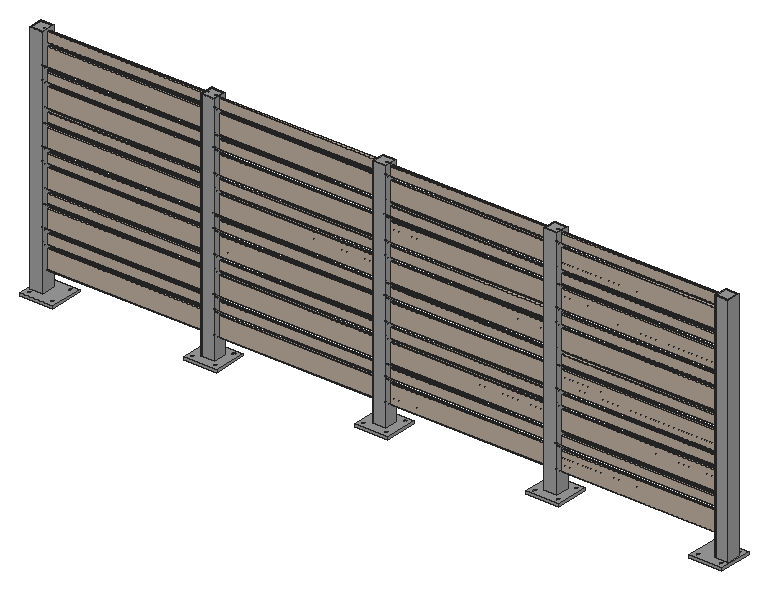
Revit family "ALTERNATING_VINYL_PLANK_PANEL_ARRAY", category Specialty Equipment, Revit 2026
Family settings
  Round Connector Dimension = Use Diameter
  Part Type = Normal
  Classification Number = 23.55.00.00
  Enable Cutting in Views = No
  Cut with Voids When Loaded = No
  Maintain Annotation Orientation = No
  Shared = No
  Room Calculation Point = No
Parameters (values of type "Assembly")
  Warranty URL = "https://palmshieldlouvers.com/wp-content/uploads/2020/01/PalmSHIELD-Warranty-NO-SIGN-LINE.pdf"
  Version = "2020 - v1.0a"  # constant formula
  URL = "https://palmshieldlouvers.com/"
  Type Comments = ""
  Left Post UP [instance] = yes
  Left Post Description [instance] = if(Left Post Position = 1, "Middle Post", if(Left Post Position = 2, "Corner Post", if(Left Post Position = 3, "End Post", "Not a Valid Option")))  # "End Post"
  Left Post DOWN [instance] = not(Left Post UP)  # no
  Left Post [instance] = yes
  Product Page URL = "https://palmshieldlouvers.com/products/mercury-eco-semi-private/"
  Product Documentation Link = "https://palmshieldlouvers.com/wp-content/uploads/2022/01/Mercury-Economic-Alternating-Semi-Private.pdf"
  Post Finish = Metal - PalmSHIELD - Dusty Grey
  Panel Width [instance] = if(Desired Panel Width > C Max Panel Width, C Max Panel Width, if(Desired Panel Width < C Min Panel Width, C Min Panel Width, Desired Panel Width))  # 4' - 0"
  Panel Height [instance] = if(Desired Panel Height > C Max Panel Height, C Max Panel Height, if(Desired Panel Height < C Min Panel Height, C Min Panel Height, Desired Panel Height))  # 6' - 0"
  Model = "Mercury Economic - Alternating - Semi Private"  # constant formula
  Manufacturer Phone Number = "531-329-4406 "  # constant formula
  Manufacturer Email = "mailto: info@palmshieldlouvers.com"
  Manufacturer Address = "12330 Cary Circle, La Vista, NE 68128"  # constant formula
  Manufacturer = "PalmSHIELD"  # constant formula
  Louver Finsh = Metal - PalmSHIELD - Grey Beige
  Left Post Position [instance] = 3
  Keynote = "05 10 00"
  Instruction Sheet Link = "https://palmshieldlouvers.com/wp-content/uploads/2021/09/PalmSHIELD-Mercury-Series-Post-Panel-Gate-Installation-Instructions-2.docx"
  ID [instance] = "Not Assigned"
  Frame Finish = Metal - PalmSHIELD - Dusty Grey
  Filler Panel [instance] = yes
  Right Post UP [instance] = yes
  Right Post Description [instance] = if(Right Post Position = 1, "Middle Post", if(Right Post Position = 2, "Corner Post", if(Right Post Position = 3, "End Post", "Not a Valid Option")))  # "End Post"
  Right Post DOWN [instance] = not(Right Post UP)  # no
  Right Post Position [instance] = 3
  Right Post [instance] = yes
  Desired Panel Width [instance] = 4' - 0"
  Desired Panel Height [instance] = 6' - 0"
  Real Length [instance] = if([built-in parameter 1001306] < (C Post Width + C Min Panel Width), (C Post Width + C Min Panel Width), [built-in parameter 1001306])  # 17' - 4"
  Description = "Mercury Economic - Alternating - Semi Private"  # constant formula
  built-in parameter 1001306 [instance] = 17' - 4"
  Copyright = "Copyright ©2024 The American Fence Company and PalmSHIELD. All Rights Reserved."  # constant formula
  Component Name [instance] = "Mercury Economic - Alternating - Semi Private"  # constant formula
  C Single Post [instance] = if(C Condition Double, 1 = 1, if(and(Right Post, C Condition Single), 1 = 1, 1 = 0))  # no
  C Single Panel [instance] = or(C Condition Double, C Condition Single)  # no
  C Single End Post Position [instance] = if(C Array Count = 1, 1, Right Post Position)  # 3
  C Right Post Offset Single [instance] = if(C Single End Post Position = 3, 0' 4 1/2", if(C Single End Post Position = 1, 0' 2", if(Right Post DOWN, 0' 2", 0' 4")))  # 0' - 4 1/2"
  C Right Post Offset Aux Single [instance] = if(C Single End Post Position = 3, 0' 0", if(C Single End Post Position = 1, 0' 0", if(Right Post DOWN, 0' 2", 0' 0")))  # 0' - 0"
  C Right Post Offset Aux [instance] = if(Right Post Position = 3, 0' 0", if(Right Post Position = 1, 0' 0", if(Right Post DOWN, 0' 2", 0' 0")))  # 0' - 0"
  C Right Post Offset [instance] = if(Right Post Position = 3, 0' 4 1/2", if(Right Post Position = 1, 0' 2", if(Right Post DOWN, 0' 2", 0' 4")))  # 0' - 4 1/2"
  C Right Post Angle Single [instance] = if(C Single End Post Position = 2, 90.00°, 0.00°)  # 0.00°
  C Right Post Angle [instance] = if(Right Post Position = 2, 90.00°, 0.00°)  # 0.00°
  C Post Width [instance] = 0' - 4"  # constant formula
  C Multiple Post [instance] = (C Condition Multiple)  # yes
  C Multiple Panels [instance] = (C Condition Multiple)  # yes
  C Min Panel Width [instance] = 4' - 0"  # constant formula
  C Min Panel Height [instance] = C Min Panel Width  # 4' - 0"
  C Max Panel Width [instance] = 5' - 0"  # constant formula
  C Max Panel Height [instance] = 6' - 0"  # constant formula
  C Left Post Offset Aux [instance] = if(Left Post Position = 3, 0' 4 1/2", if(Left Post Position = 1, 0' 2", if(Left Post DOWN, 0' 2", 0' 6")))  # 0' - 4 1/2"
  C Left Post Angle [instance] = if(Left Post Position = 3, 90.00°, 0.00°)  # 90.00°
  C Left Post Offset [instance] = if(Left Post Position = 3, 0' 0", if(Left Post Position = 1, 0' 0", if(Left Post DOWN, 0' 2", 0' 2")))  # 0' - 0"
  C Filler Post [instance] = and(not(C Condition Single), Filler Panel, Right Post, or(C Filler Panel Width = C Min Panel Width, C Filler Panel Width > C Min Panel Width))  # yes
  C Filler Panel Width Calculated [instance] = Real Length - C Calculated Total Length - Panel Width - C Post Width  # 4' - 0"
  C Filler Panel Width [instance] = if(C Filler Panel Width Calculated < C Min Panel Width, C Min Panel Width, if(C Filler Panel Width Calculated > C Max Panel Width, C Max Panel Width, C Filler Panel Width Calculated))  # 4' - 0"
  C Filler Panel [instance] = and(not(C Condition Single), Filler Panel, or(C Filler Panel Width = C Min Panel Width, C Filler Panel Width > C Min Panel Width))  # yes
  C Condition Single [instance] = C Array Count < 1  # no
  C Condition Multiple [instance] = C Array Count > 1  # yes
  C Condition Double [instance] = C Array Count = 1  # no
  C Complete Post [instance] = and(not(C Condition Single), not(Filler Panel), Right Post)  # no
  C Complete Panel [instance] = and(not(C Condition Single), not(Filler Panel))  # no
  C Calculated Total Length [instance] = if(C Array Count < 1, 0' 0", if(C Array Count = 1, C Post Width, Panel Width * (C Array Safe - 1) + C Post Width * (C Array Safe)))  # 9' - 0"
  C Calculated Filler Panel Length [instance] = if(C Array Count < 1, 0' 0", if(or(C Array Count = 2, C Array Count = 1), C Post Width, if(Filler Panel, (C Calculated Total Length - C Post Width - C Filler Panel Width), (C Calculated Total Length - C Post Width - Panel Width))))  # 4' - 8"
  C Array Safe [instance] = if(C Array Count < 2, 2, C Array Count)  # 3
  C Array Count [instance] = if(Filler Panel, roundup(((Real Length - C Min Panel Width) / (Panel Width + C Post Width)) - 1), roundup(((Real Length - (Panel Width)) / (Panel Width + C Post Width)) - 1))  # 3
  Assembly Code = "F1020100"
Reference planes (in)
  plane 1 "Center (Front/Back)": y = 0
  plane 2 "B": z = 0
  plane 3 "Left": x = 0
  plane 4 "Right": x = 208
  plane 5 "Top": z = 72
  plane 6: x = 48
  plane 7: x = 52
  plane 8: x = 100
  plane 9: x = 104
  plane 10: x = -4
  plane 11: x = 156
  plane 12: x = 52
  plane 13: x = 204
  plane 14: x = 204
  plane 15: x = -2
  plane 16: x = 208
  plane 17: x = 206
  plane 18: x = 206
  plane 19: x = 208
  plane 20: x = 50
  plane 21: x = 102
  plane 22: y = -2
  plane 23: y = 2
Lines and regions (in)
  reference lines
    curve 1: line (0, 0, 0) -> (208, 0, 0)
    curve 2: line (-2, 0, 0) -> (-4, 0, 0)
    curve 3: line (-2, 0, 0) -> (-2, 2, 0)
    curve 4: line (2.5, 0, 0) -> (2.5, 2, 0)
    curve 5: line (206, 0, 0) -> (206, -2, 0)
    curve 6: line (206, 0, 0) -> (208, 0, 0)
    curve 7: line (206, 0, 0) -> (206, 2, 0)
    curve 8: line (206, 0, 0) -> (206, 2, 0)
    curve 9: line (50.00002, 0, 0) -> (50.00002, 2, 0)
    curve 10: line (50, 0, 0) -> (52, 0, 0)
    curve 11: line (50.00002, -0.00002, 0) -> (50.00002, 2, 0)
    curve 12: line (206, 0, 0) -> (206, 2, 0)
    curve 13: line (206, 0, 0) -> (208, 0, 0)
    curve 14: line (206, 0, 0) -> (206, 2, 0)
Dimensions and locks (in)
  "built-in parameter 1001306": plane 3 "Left" to plane 4 "Right"
  "Panel Width": plane 6 to plane 3 "Left"
  "C Post Width": plane 7 to plane 6
  "Panel Width": plane 8 to plane 7
  "C Post Width": plane 9 to plane 8
  "C Post Width": plane 3 "Left" to plane 10
  "C Calculated Filler Panel Length": plane 12 to plane 10
  "C Filler Panel Width": plane 13 to plane 11
  "Panel Width": plane 14 to plane 11
  "C Calculated Total Length": plane 11 to plane 6
  equal spacing: plane 10, plane 15, plane 3 "Left"
  equal spacing: plane 16, plane 17, plane 13
  "C Post Width": plane 16 to plane 13
  equal spacing: plane 19, plane 18, plane 14
  "C Post Width": plane 19 to plane 14
  equal spacing: plane 9, plane 21, plane 8
  equal spacing: plane 7, plane 20, plane 6
  equal spacing: plane 22, plane 1 "Center (Front/Back)", plane 23
  "C Post Width": plane 22 to plane 23
  "Panel Height": plane 5 "Top" to level
  "C Left Post Offset": curve 4 to nested 1
  "C Left Post Offset Aux": curve 3 to curve 4
  equal spacing: group 1, group 2, group 3  (x3)
  "C Right Post Offset Aux": curve 8 to curve 7
  "C Right Post Offset": curve 8 to nested 5
  "C Right Post Offset Aux Single": curve 11 to curve 9
  "C Right Post Offset Single": curve 11 to nested 8
  "C Right Post Offset Aux": curve 14 to curve 12
  "C Right Post Offset": curve 14 to nested 10
  equal spacing: group 4, group 5, group 6  (x3)
  "C Left Post Angle": angle curve 2 to plane 15
  locked: curve 3 to curve 2 (angle 90.00°)
  locked: curve 6 to curve 7 (angle 90.00°)
  "C Right Post Angle": angle curve 7 to plane 18
  locked: curve 10 to curve 9 (angle 90.00°)
  "C Right Post Angle Single": angle curve 9 to plane 20
  locked: curve 13 to curve 12 (angle 90.00°)
  "C Right Post Angle": angle curve 12 to plane 18
  aligned and locked: plane 4 "Right" to curve 1
  aligned and locked: plane 1 "Center (Front/Back)" to curve 1
  aligned and locked: plane 3 "Left" to curve 1
  aligned and locked: level to plane 2 "B"
  aligned and locked: plane 3 "Left" to nested 2
  aligned and locked: nested 4 to plane 14
  aligned and locked: plane 1 "Center (Front/Back)" to nested 7
  aligned and locked: plane 20 to nested 7
  aligned and locked: plane 3 "Left" to nested 6
  aligned and locked: plane 1 "Center (Front/Back)" to nested 6
  aligned and locked: plane 11 to nested 3
  aligned and locked: plane 1 "Center (Front/Back)" to nested 3
  aligned and locked: plane 1 "Center (Front/Back)" to curve 2
  aligned and locked: plane 15 to curve 3
  aligned and locked: curve 2 to nested 1
  aligned and locked: plane 21 to nested 9
  aligned and locked: plane 1 "Center (Front/Back)" to nested 9
  aligned and locked: plane 17 to curve 5
  aligned and locked: plane 1 "Center (Front/Back)" to nested 4
  aligned and locked: plane 1 "Center (Front/Back)" to curve 6
  aligned and locked: plane 1 "Center (Front/Back)" to nested 2
  aligned and locked: plane 20 to curve 10
  aligned and locked: nested 8 to curve 10
  aligned and locked: plane 18 to curve 13
  aligned and locked: plane 1 "Center (Front/Back)" to curve 12
  aligned and locked: plane 7 to nested 31
  aligned and locked: plane 1 "Center (Front/Back)" to nested 31
Automatic sketch dimensions
  plane 22 to curve 5 = 0' - 0"
  curve 10 to curve 9 = 0' - 0"
  curve 2 to curve 4 = 0' - 0"
  curve 4 to curve 4 = 0' - 2"
  curve 8 to curve 7 = 0' - 0"  (x2)
  curve 11 to curve 9 = 0' - 0"  (x2)
  curve 14 to curve 13 = 0' - 0"
  curve 13 to curve 14 = 0' - 2"
Nested families (in)
  nested 1: "Screening-Louver-Assembly-Post-Palmshield-Mercury-Economic-Alternating-Semi_Private-Aluminum" at (0.5, 0, 0) x (-1, 0, 0) z (0, 0, 1), Desired Overall Height <- "Panel Height", visible <- "Left Post", Component Vis <- "Left Post", ID <- "ID", Post Position <- "Left Post Position", type "Assembly"
    with Post Position 3, ID "Not Assigned", Height 6' - 0", Desired Overall Height 6' - 0", Component Vis yes, Component Name "Mercury Economic - Alternating - Semi Private - Square Post", C Min Height 3' - 4", C Max Height 6' - 0"
  nested 2: "Screening-Louver-Assembly-Panel-Palmshield-Mercury_Economic-Alternating-Semi_Private-Vinyl" at (0, 0, 0), Desired Overall Height <- "Panel Height", Desired Overall Width <- "Panel Width", visible <- "C Single Panel", Component Vis <- "C Single Panel", ID <- "ID", type "Assembly"
    with Width 4' - 0", ID "Not Assigned", Height 6' - 0", Desired Overall Width 4' - 0", Desired Overall Height 6' - 0", Desired Bottom Angle 0.00°, Component Vis no, Component Name "Mercury Economic - Alternating - Semi Private", C Min Width 4' - 0", C Min Height 4' - 0", C Max Width 5' - 0", C Max Height 6' - 0", C Angle 0.00°
  nested 3: "Screening-Louver-Assembly-Panel-Palmshield-Mercury_Economic-Alternating-Semi_Private-Vinyl" at (156, 0, 0), Desired Overall Height <- "Panel Height", Desired Overall Width <- "C Filler Panel Width", visible <- "C Filler Panel", Component Vis <- "C Filler Panel", ID <- "ID", type "Assembly"
    with Width 4' - 0", ID "Not Assigned", Height 6' - 0", Desired Overall Width 4' - 0", Desired Overall Height 6' - 0", Desired Bottom Angle 0.00°, Component Vis yes, Component Name "Mercury Economic - Alternating - Semi Private", C Min Width 4' - 0", C Min Height 4' - 0", C Max Width 5' - 0", C Max Height 6' - 0", C Angle 0.00°
  nested 4: "Screening-Louver-Assembly-Panel-Palmshield-Mercury_Economic-Alternating-Semi_Private-Vinyl" at (156, 0, 0), Desired Overall Height <- "Panel Height", Desired Overall Width <- "Panel Width", visible <- "C Complete Panel", Component Vis <- "C Complete Panel", ID <- "ID", type "Assembly"
    with Width 4' - 0", ID "Not Assigned", Height 6' - 0", Desired Overall Width 4' - 0", Desired Overall Height 6' - 0", Desired Bottom Angle 0.00°, Component Vis no, Component Name "Mercury Economic - Alternating - Semi Private", C Min Width 4' - 0", C Min Height 4' - 0", C Max Width 5' - 0", C Max Height 6' - 0", C Angle 0.00°
  nested 5: "Screening-Louver-Assembly-Post-Palmshield-Mercury-Economic-Alternating-Semi_Private-Aluminum" at (203.5, 0, 0), Desired Overall Height <- "Panel Height", visible <- "C Filler Post", Component Vis <- "C Filler Post", ID <- "ID", Post Position <- "Right Post Position", type "Assembly"
    with Post Position 3, ID "Not Assigned", Height 6' - 0", Desired Overall Height 6' - 0", Component Vis yes, Component Name "Mercury Economic - Alternating - Semi Private - Square Post", C Min Height 3' - 4", C Max Height 6' - 0"
  nested 6: "Screening-Louver-Assembly-Panel-Palmshield-Mercury_Economic-Alternating-Semi_Private-Vinyl" at (0, 0, 0), Desired Overall Height <- "Panel Height", Desired Overall Width <- "Panel Width", visible <- "C Multiple Panels", Component Vis <- "C Multiple Panels", ID <- "ID", type "Assembly"
    with Width 4' - 0", ID "Not Assigned", Height 6' - 0", Desired Overall Width 4' - 0", Desired Overall Height 6' - 0", Desired Bottom Angle 0.00°, Component Vis yes, Component Name "Mercury Economic - Alternating - Semi Private", C Min Width 4' - 0", C Min Height 4' - 0", C Max Width 5' - 0", C Max Height 6' - 0", C Angle 0.00°
  nested 7: "Screening-Louver-Assembly-Post-Palmshield-Mercury-Economic-Alternating-Semi_Private-Aluminum" at (50, 0, 0), Desired Overall Height <- "Panel Height", visible <- "C Multiple Post", Component Vis <- "C Multiple Post", ID <- "ID", type "Assembly"
    with Post Position 1, ID "Not Assigned", Height 6' - 0", Desired Overall Height 6' - 0", Component Vis yes, Component Name "Mercury Economic - Alternating - Semi Private - Square Post", C Min Height 3' - 4", C Max Height 6' - 0"
  nested 8: "Screening-Louver-Assembly-Post-Palmshield-Mercury-Economic-Alternating-Semi_Private-Aluminum" at (47.50002, 0, 0), Desired Overall Height <- "Panel Height", visible <- "C Single Post", Component Vis <- "C Single Post", ID <- "ID", Post Position <- "C Single End Post Position", type "Assembly"
    with Post Position 3, ID "Not Assigned", Height 6' - 0", Desired Overall Height 6' - 0", Component Vis no, Component Name "Mercury Economic - Alternating - Semi Private - Square Post", C Min Height 3' - 4", C Max Height 6' - 0"
  nested 9: "Screening-Louver-Assembly-Post-Palmshield-Mercury-Economic-Alternating-Semi_Private-Aluminum" at (102, 0, 0), Desired Overall Height <- "Panel Height", visible <- "C Multiple Post", Component Vis <- "C Multiple Post", ID <- "ID", type "Assembly"
    with Post Position 1, ID "Not Assigned", Height 6' - 0", Desired Overall Height 6' - 0", Component Vis yes, Component Name "Mercury Economic - Alternating - Semi Private - Square Post", C Min Height 3' - 4", C Max Height 6' - 0"
  nested 10: "Screening-Louver-Assembly-Post-Palmshield-Mercury-Economic-Alternating-Semi_Private-Aluminum" at (203.5, 0, 0), Desired Overall Height <- "Panel Height", visible <- "C Complete Post", Component Vis <- "C Complete Post", ID <- "ID", Post Position <- "Right Post Position", type "Assembly"
    with Post Position 3, ID "Not Assigned", Height 6' - 0", Desired Overall Height 6' - 0", Component Vis no, Component Name "Mercury Economic - Alternating - Semi Private - Square Post", C Min Height 3' - 4", C Max Height 6' - 0"
  nested 11: "Screening-Louver-Assembly-Post-Palmshield-Mercury-Economic-Alternating-Semi_Private-Aluminum" at (154, 0, 0), Desired Overall Height <- "Panel Height", visible <- "C Multiple Post", Component Vis <- "C Multiple Post", ID <- "ID", type "Assembly"
    with Post Position 1, ID "Not Assigned", Height 6' - 0", Desired Overall Height 6' - 0", Component Vis yes, Component Name "Mercury Economic - Alternating - Semi Private - Square Post", C Min Height 3' - 4", C Max Height 6' - 0"
  nested 12: "Nested-Base_Plate-Palmshield-Mercury_Economic" at (154, 0, 0), type "10" x 10" x 3/4""
    with Material Metal - PalmSHIELD - Dusty Grey, ID "Not Assigned", Component Vis yes, Component Name "Mercury Economic - Aluminum - Base Plate"
  nested 13: "Nested-Square_Post-Aluminum-Palmshield-Mercury_Economic" at (154, 0, 0.75), type "4" X 4" X 1/8" SQ. TUBE"
    with Material Metal - PalmSHIELD - Dusty Grey, Length 5' - 11 1/4", ID "Not Assigned", Component Vis yes, Component Name "Mercury Economic - Aluminum - Square Post"
  nested 14: "Nested-Top_Cap-Palmshield-Mercury_Economic" at (154, 0, 72) x (1, 0, 0) z (0, 0, -1), type "3 3/4" x 3 3/4" x 1/8""
    with Material Metal - PalmSHIELD - Dusty Grey, ID "Not Assigned", Component Vis yes, Component Name "Mercury Economic - Aluminum - Square Top Cap"
  nested 15: "Nested-Base_Plate-Palmshield-Mercury_Economic" at (50, 0, 0), type "10" x 10" x 3/4""
    with Material Metal - PalmSHIELD - Dusty Grey, ID "Not Assigned", Component Vis yes, Component Name "Mercury Economic - Aluminum - Base Plate"
  nested 16: "Nested-Square_Post-Aluminum-Palmshield-Mercury_Economic" at (50, 0, 0.75), type "4" X 4" X 1/8" SQ. TUBE"
    with Material Metal - PalmSHIELD - Dusty Grey, Length 5' - 11 1/4", ID "Not Assigned", Component Vis yes, Component Name "Mercury Economic - Aluminum - Square Post"
  nested 17: "Nested-Top_Cap-Palmshield-Mercury_Economic" at (50, 0, 72) x (1, 0, 0) z (0, 0, -1), type "3 3/4" x 3 3/4" x 1/8""
    with Material Metal - PalmSHIELD - Dusty Grey, ID "Not Assigned", Component Vis yes, Component Name "Mercury Economic - Aluminum - Square Top Cap"
  nested 18: "Nested-Base_Plate-Palmshield-Mercury_Economic" at (102, 0, 0), type "10" x 10" x 3/4""
    with Material Metal - PalmSHIELD - Dusty Grey, ID "Not Assigned", Component Vis yes, Component Name "Mercury Economic - Aluminum - Base Plate"
  nested 19: "Nested-Square_Post-Aluminum-Palmshield-Mercury_Economic" at (102, 0, 0.75), type "4" X 4" X 1/8" SQ. TUBE"
    with Material Metal - PalmSHIELD - Dusty Grey, Length 5' - 11 1/4", ID "Not Assigned", Component Vis yes, Component Name "Mercury Economic - Aluminum - Square Post"
  nested 20: "Nested-Top_Cap-Palmshield-Mercury_Economic" at (102, 0, 72) x (1, 0, 0) z (0, 0, -1), type "3 3/4" x 3 3/4" x 1/8""
    with Material Metal - PalmSHIELD - Dusty Grey, ID "Not Assigned", Component Vis yes, Component Name "Mercury Economic - Aluminum - Square Top Cap"
  nested 21: "Nested-Louvers-Palmshield-Mercury-Economic-Alternating-Semi_Private-Vinyl" at (-1.8125, 0, 6.5) x (0, 1, 0) z (1, 0, 0), type "7/8" X 6" VINYL"
    with Material Metal - PalmSHIELD - Grey Beige, Length 4' - 3 5/8", ID "", Component Name "Mercury Economic Alternating Semi Private - Vinyl - Louvers"
  nested 22: "Nested-Louvers-Palmshield-Mercury-Economic-Alternating-Semi_Private-Vinyl" at (-1.8125, 0, 13.5) x (0, 1, 0) z (1, 0, 0), type "7/8" X 3" VINYL"
    with Material Metal - PalmSHIELD - Grey Beige, Length 4' - 3 5/8", ID "", Component Name "Mercury Economic Alternating Semi Private - Vinyl - Louvers"
  nested 23: "Nested-Louvers-Palmshield-Mercury-Economic-Alternating-Semi_Private-Vinyl" at (-1.8125, 0, 35.5) x (0, 1, 0) z (1, 0, 0), type "7/8" X 3" VINYL"
    with Material Metal - PalmSHIELD - Grey Beige, Length 4' - 3 5/8", ID "", Component Name "Mercury Economic Alternating Semi Private - Vinyl - Louvers"
  nested 24: "Nested-Louvers-Palmshield-Mercury-Economic-Alternating-Semi_Private-Vinyl" at (-1.8125, 0, 46.5) x (0, 1, 0) z (1, 0, 0), type "7/8" X 3" VINYL"
    with Material Metal - PalmSHIELD - Grey Beige, Length 4' - 3 5/8", ID "", Component Name "Mercury Economic Alternating Semi Private - Vinyl - Louvers"
  nested 25: "Nested-Louvers-Palmshield-Mercury-Economic-Alternating-Semi_Private-Vinyl" at (-1.8125, 0, 28.5) x (0, 1, 0) z (1, 0, 0), type "7/8" X 6" VINYL"
    with Material Metal - PalmSHIELD - Grey Beige, Length 4' - 3 5/8", ID "", Component Name "Mercury Economic Alternating Semi Private - Vinyl - Louvers"
  nested 26: "Nested-Louvers-Palmshield-Mercury-Economic-Alternating-Semi_Private-Vinyl" at (-1.8125, 0, 39.5) x (0, 1, 0) z (1, 0, 0), type "7/8" X 6" VINYL"
    with Material Metal - PalmSHIELD - Grey Beige, Length 4' - 3 5/8", ID "", Component Name "Mercury Economic Alternating Semi Private - Vinyl - Louvers"
  nested 27: "Nested-Louvers-Palmshield-Mercury-Economic-Alternating-Semi_Private-Vinyl" at (-1.8125, 0, 50.5) x (0, 1, 0) z (1, 0, 0), type "7/8" X 6" VINYL"
    with Material Metal - PalmSHIELD - Grey Beige, Length 4' - 3 5/8", ID "", Component Name "Mercury Economic Alternating Semi Private - Vinyl - Louvers"
  nested 28: "Nested-Louvers-Palmshield-Mercury-Economic-Alternating-Semi_Private-Vinyl" at (-1.8125, 0, 57.5) x (0, 1, 0) z (1, 0, 0), type "7/8" X 3" VINYL"
    with Material Metal - PalmSHIELD - Grey Beige, Length 4' - 3 5/8", ID "", Component Name "Mercury Economic Alternating Semi Private - Vinyl - Louvers"
  nested 29: "Nested-Louvers-Palmshield-Mercury-Economic-Alternating-Semi_Private-Vinyl" at (-1.8125, 0, 61.5) x (0, 1, 0) z (1, 0, 0), type "7/8" X 6" VINYL"
    with Material Metal - PalmSHIELD - Grey Beige, Length 4' - 3 5/8", ID "", Component Name "Mercury Economic Alternating Semi Private - Vinyl - Louvers"
  nested 30: "Nested-Louvers-Palmshield-Mercury-Economic-Alternating-Semi_Private-Vinyl" at (-1.8125, 0, 68.5) x (0, 1, 0) z (1, 0, 0), type "7/8" X 3" VINYL"
    with Material Metal - PalmSHIELD - Grey Beige, Length 4' - 3 5/8", ID "", Component Name "Mercury Economic Alternating Semi Private - Vinyl - Louvers"
  nested 31: "Screening-Louver-Assembly-Panel-Palmshield-Mercury_Economic-Alternating-Semi_Private-Vinyl" at (52, 0, 0), Desired Overall Height <- "Panel Height", Desired Overall Width <- "Panel Width", visible <- "C Multiple Panels", Component Vis <- "C Multiple Panels", ID <- "ID", type "Assembly"
    with Width 4' - 0", ID "Not Assigned", Height 6' - 0", Desired Overall Width 4' - 0", Desired Overall Height 6' - 0", Desired Bottom Angle 0.00°, Component Vis yes, Component Name "Mercury Economic - Alternating - Semi Private", C Min Width 4' - 0", C Min Height 4' - 0", C Max Width 5' - 0", C Max Height 6' - 0", C Angle 0.00°
  nested 32: "Nested-Louvers-Palmshield-Mercury-Economic-Alternating-Semi_Private-Vinyl" at (50.1875, 0, 6.5) x (0, 1, 0) z (1, 0, 0), type "7/8" X 6" VINYL"
    with Material Metal - PalmSHIELD - Grey Beige, Length 4' - 3 5/8", ID "", Component Name "Mercury Economic Alternating Semi Private - Vinyl - Louvers"
  nested 33: "Nested-Louvers-Palmshield-Mercury-Economic-Alternating-Semi_Private-Vinyl" at (50.1875, 0, 13.5) x (0, 1, 0) z (1, 0, 0), type "7/8" X 3" VINYL"
    with Material Metal - PalmSHIELD - Grey Beige, Length 4' - 3 5/8", ID "", Component Name "Mercury Economic Alternating Semi Private - Vinyl - Louvers"
  nested 34: "Nested-Louvers-Palmshield-Mercury-Economic-Alternating-Semi_Private-Vinyl" at (50.1875, 0, 35.5) x (0, 1, 0) z (1, 0, 0), type "7/8" X 3" VINYL"
    with Material Metal - PalmSHIELD - Grey Beige, Length 4' - 3 5/8", ID "", Component Name "Mercury Economic Alternating Semi Private - Vinyl - Louvers"
  nested 35: "Nested-Louvers-Palmshield-Mercury-Economic-Alternating-Semi_Private-Vinyl" at (50.1875, 0, 46.5) x (0, 1, 0) z (1, 0, 0), type "7/8" X 3" VINYL"
    with Material Metal - PalmSHIELD - Grey Beige, Length 4' - 3 5/8", ID "", Component Name "Mercury Economic Alternating Semi Private - Vinyl - Louvers"
  nested 36: "Nested-Louvers-Palmshield-Mercury-Economic-Alternating-Semi_Private-Vinyl" at (50.1875, 0, 28.5) x (0, 1, 0) z (1, 0, 0), type "7/8" X 6" VINYL"
    with Material Metal - PalmSHIELD - Grey Beige, Length 4' - 3 5/8", ID "", Component Name "Mercury Economic Alternating Semi Private - Vinyl - Louvers"
  nested 37: "Nested-Louvers-Palmshield-Mercury-Economic-Alternating-Semi_Private-Vinyl" at (50.1875, 0, 39.5) x (0, 1, 0) z (1, 0, 0), type "7/8" X 6" VINYL"
    with Material Metal - PalmSHIELD - Grey Beige, Length 4' - 3 5/8", ID "", Component Name "Mercury Economic Alternating Semi Private - Vinyl - Louvers"
  nested 38: "Nested-Louvers-Palmshield-Mercury-Economic-Alternating-Semi_Private-Vinyl" at (50.1875, 0, 50.5) x (0, 1, 0) z (1, 0, 0), type "7/8" X 6" VINYL"
    with Material Metal - PalmSHIELD - Grey Beige, Length 4' - 3 5/8", ID "", Component Name "Mercury Economic Alternating Semi Private - Vinyl - Louvers"
  nested 39: "Nested-Louvers-Palmshield-Mercury-Economic-Alternating-Semi_Private-Vinyl" at (50.1875, 0, 57.5) x (0, 1, 0) z (1, 0, 0), type "7/8" X 3" VINYL"
    with Material Metal - PalmSHIELD - Grey Beige, Length 4' - 3 5/8", ID "", Component Name "Mercury Economic Alternating Semi Private - Vinyl - Louvers"
  nested 40: "Nested-Louvers-Palmshield-Mercury-Economic-Alternating-Semi_Private-Vinyl" at (50.1875, 0, 61.5) x (0, 1, 0) z (1, 0, 0), type "7/8" X 6" VINYL"
    with Material Metal - PalmSHIELD - Grey Beige, Length 4' - 3 5/8", ID "", Component Name "Mercury Economic Alternating Semi Private - Vinyl - Louvers"
  nested 41: "Nested-Louvers-Palmshield-Mercury-Economic-Alternating-Semi_Private-Vinyl" at (50.1875, 0, 68.5) x (0, 1, 0) z (1, 0, 0), type "7/8" X 3" VINYL"
    with Material Metal - PalmSHIELD - Grey Beige, Length 4' - 3 5/8", ID "", Component Name "Mercury Economic Alternating Semi Private - Vinyl - Louvers"
  nested 42: "Screening-Louver-Assembly-Panel-Palmshield-Mercury_Economic-Alternating-Semi_Private-Vinyl" at (104, 0, 0), Desired Overall Height <- "Panel Height", Desired Overall Width <- "Panel Width", visible <- "C Multiple Panels", Component Vis <- "C Multiple Panels", ID <- "ID", type "Assembly"
    with Width 4' - 0", ID "Not Assigned", Height 6' - 0", Desired Overall Width 4' - 0", Desired Overall Height 6' - 0", Desired Bottom Angle 0.00°, Component Vis yes, Component Name "Mercury Economic - Alternating - Semi Private", C Min Width 4' - 0", C Min Height 4' - 0", C Max Width 5' - 0", C Max Height 6' - 0", C Angle 0.00°
  nested 43: "Nested-Louvers-Palmshield-Mercury-Economic-Alternating-Semi_Private-Vinyl" at (102.1875, 0, 6.5) x (0, 1, 0) z (1, 0, 0), type "7/8" X 6" VINYL"
    with Material Metal - PalmSHIELD - Grey Beige, Length 4' - 3 5/8", ID "", Component Name "Mercury Economic Alternating Semi Private - Vinyl - Louvers"
  nested 44: "Nested-Louvers-Palmshield-Mercury-Economic-Alternating-Semi_Private-Vinyl" at (102.1875, 0, 13.5) x (0, 1, 0) z (1, 0, 0), type "7/8" X 3" VINYL"
    with Material Metal - PalmSHIELD - Grey Beige, Length 4' - 3 5/8", ID "", Component Name "Mercury Economic Alternating Semi Private - Vinyl - Louvers"
  nested 45: "Nested-Louvers-Palmshield-Mercury-Economic-Alternating-Semi_Private-Vinyl" at (102.1875, 0, 35.5) x (0, 1, 0) z (1, 0, 0), type "7/8" X 3" VINYL"
    with Material Metal - PalmSHIELD - Grey Beige, Length 4' - 3 5/8", ID "", Component Name "Mercury Economic Alternating Semi Private - Vinyl - Louvers"
  nested 46: "Nested-Louvers-Palmshield-Mercury-Economic-Alternating-Semi_Private-Vinyl" at (102.1875, 0, 46.5) x (0, 1, 0) z (1, 0, 0), type "7/8" X 3" VINYL"
    with Material Metal - PalmSHIELD - Grey Beige, Length 4' - 3 5/8", ID "", Component Name "Mercury Economic Alternating Semi Private - Vinyl - Louvers"
  nested 47: "Nested-Louvers-Palmshield-Mercury-Economic-Alternating-Semi_Private-Vinyl" at (102.1875, 0, 28.5) x (0, 1, 0) z (1, 0, 0), type "7/8" X 6" VINYL"
    with Material Metal - PalmSHIELD - Grey Beige, Length 4' - 3 5/8", ID "", Component Name "Mercury Economic Alternating Semi Private - Vinyl - Louvers"
  nested 48: "Nested-Louvers-Palmshield-Mercury-Economic-Alternating-Semi_Private-Vinyl" at (102.1875, 0, 39.5) x (0, 1, 0) z (1, 0, 0), type "7/8" X 6" VINYL"
    with Material Metal - PalmSHIELD - Grey Beige, Length 4' - 3 5/8", ID "", Component Name "Mercury Economic Alternating Semi Private - Vinyl - Louvers"
  nested 49: "Nested-Louvers-Palmshield-Mercury-Economic-Alternating-Semi_Private-Vinyl" at (102.1875, 0, 50.5) x (0, 1, 0) z (1, 0, 0), type "7/8" X 6" VINYL"
    with Material Metal - PalmSHIELD - Grey Beige, Length 4' - 3 5/8", ID "", Component Name "Mercury Economic Alternating Semi Private - Vinyl - Louvers"
  nested 50: "Nested-Louvers-Palmshield-Mercury-Economic-Alternating-Semi_Private-Vinyl" at (102.1875, 0, 57.5) x (0, 1, 0) z (1, 0, 0), type "7/8" X 3" VINYL"
    with Material Metal - PalmSHIELD - Grey Beige, Length 4' - 3 5/8", ID "", Component Name "Mercury Economic Alternating Semi Private - Vinyl - Louvers"
  nested 51: "Nested-Louvers-Palmshield-Mercury-Economic-Alternating-Semi_Private-Vinyl" at (102.1875, 0, 61.5) x (0, 1, 0) z (1, 0, 0), type "7/8" X 6" VINYL"
    with Material Metal - PalmSHIELD - Grey Beige, Length 4' - 3 5/8", ID "", Component Name "Mercury Economic Alternating Semi Private - Vinyl - Louvers"
  nested 52: "Nested-Louvers-Palmshield-Mercury-Economic-Alternating-Semi_Private-Vinyl" at (102.1875, 0, 68.5) x (0, 1, 0) z (1, 0, 0), type "7/8" X 3" VINYL"
    with Material Metal - PalmSHIELD - Grey Beige, Length 4' - 3 5/8", ID "", Component Name "Mercury Economic Alternating Semi Private - Vinyl - Louvers"
  nested 53: "Nested-Louvers-Palmshield-Mercury-Economic-Alternating-Semi_Private-Vinyl" at (154.1875, 0, 6.5) x (0, 1, 0) z (1, 0, 0), type "7/8" X 6" VINYL"
    with Material Metal - PalmSHIELD - Grey Beige, Length 4' - 3 5/8", ID "", Component Name "Mercury Economic Alternating Semi Private - Vinyl - Louvers"
  nested 54: "Nested-Louvers-Palmshield-Mercury-Economic-Alternating-Semi_Private-Vinyl" at (154.1875, 0, 13.5) x (0, 1, 0) z (1, 0, 0), type "7/8" X 3" VINYL"
    with Material Metal - PalmSHIELD - Grey Beige, Length 4' - 3 5/8", ID "", Component Name "Mercury Economic Alternating Semi Private - Vinyl - Louvers"
  nested 55: "Nested-Louvers-Palmshield-Mercury-Economic-Alternating-Semi_Private-Vinyl" at (154.1875, 0, 35.5) x (0, 1, 0) z (1, 0, 0), type "7/8" X 3" VINYL"
    with Material Metal - PalmSHIELD - Grey Beige, Length 4' - 3 5/8", ID "", Component Name "Mercury Economic Alternating Semi Private - Vinyl - Louvers"
  nested 56: "Nested-Louvers-Palmshield-Mercury-Economic-Alternating-Semi_Private-Vinyl" at (154.1875, 0, 46.5) x (0, 1, 0) z (1, 0, 0), type "7/8" X 3" VINYL"
    with Material Metal - PalmSHIELD - Grey Beige, Length 4' - 3 5/8", ID "", Component Name "Mercury Economic Alternating Semi Private - Vinyl - Louvers"
  nested 57: "Nested-Louvers-Palmshield-Mercury-Economic-Alternating-Semi_Private-Vinyl" at (154.1875, 0, 28.5) x (0, 1, 0) z (1, 0, 0), type "7/8" X 6" VINYL"
    with Material Metal - PalmSHIELD - Grey Beige, Length 4' - 3 5/8", ID "", Component Name "Mercury Economic Alternating Semi Private - Vinyl - Louvers"
  nested 58: "Nested-Louvers-Palmshield-Mercury-Economic-Alternating-Semi_Private-Vinyl" at (154.1875, 0, 39.5) x (0, 1, 0) z (1, 0, 0), type "7/8" X 6" VINYL"
    with Material Metal - PalmSHIELD - Grey Beige, Length 4' - 3 5/8", ID "", Component Name "Mercury Economic Alternating Semi Private - Vinyl - Louvers"
  nested 59: "Nested-Louvers-Palmshield-Mercury-Economic-Alternating-Semi_Private-Vinyl" at (154.1875, 0, 50.5) x (0, 1, 0) z (1, 0, 0), type "7/8" X 6" VINYL"
    with Material Metal - PalmSHIELD - Grey Beige, Length 4' - 3 5/8", ID "", Component Name "Mercury Economic Alternating Semi Private - Vinyl - Louvers"
  nested 60: "Nested-Louvers-Palmshield-Mercury-Economic-Alternating-Semi_Private-Vinyl" at (154.1875, 0, 57.5) x (0, 1, 0) z (1, 0, 0), type "7/8" X 3" VINYL"
    with Material Metal - PalmSHIELD - Grey Beige, Length 4' - 3 5/8", ID "", Component Name "Mercury Economic Alternating Semi Private - Vinyl - Louvers"
  nested 61: "Nested-Louvers-Palmshield-Mercury-Economic-Alternating-Semi_Private-Vinyl" at (154.1875, 0, 61.5) x (0, 1, 0) z (1, 0, 0), type "7/8" X 6" VINYL"
    with Material Metal - PalmSHIELD - Grey Beige, Length 4' - 3 5/8", ID "", Component Name "Mercury Economic Alternating Semi Private - Vinyl - Louvers"
  nested 62: "Nested-Louvers-Palmshield-Mercury-Economic-Alternating-Semi_Private-Vinyl" at (154.1875, 0, 68.5) x (0, 1, 0) z (1, 0, 0), type "7/8" X 3" VINYL"
    with Material Metal - PalmSHIELD - Grey Beige, Length 4' - 3 5/8", ID "", Component Name "Mercury Economic Alternating Semi Private - Vinyl - Louvers"
  nested 63: "Nested-Base_Plate-Palmshield-Mercury_Economic" at (203.5, 0, 0), type "10" x 10" x 3/4""
    with Material Metal - PalmSHIELD - Dusty Grey, ID "Not Assigned", Component Vis yes, Component Name "Mercury Economic - Aluminum - Base Plate"
  nested 64: "Nested-Square_Post-Aluminum-Palmshield-Mercury_Economic" at (206, 0, 0.75), type "4" X 4" X 1/8" SQ. TUBE"
    with Material Metal - PalmSHIELD - Dusty Grey, Length 5' - 11 1/4", ID "Not Assigned", Component Vis yes, Component Name "Mercury Economic - Aluminum - Square Post"
  nested 65: "Nested-Top_Cap-Palmshield-Mercury_Economic" at (206, 0, 72) x (1, 0, 0) z (0, 0, -1), type "3 3/4" x 3 3/4" x 1/8""
    with Material Metal - PalmSHIELD - Dusty Grey, ID "Not Assigned", Component Vis yes, Component Name "Mercury Economic - Aluminum - Square Top Cap"
  nested 66: "Nested-Base_Plate-Palmshield-Mercury_Economic" at (0.5, 0, 0) x (-1, 0, 0) z (0, 0, 1), type "10" x 10" x 3/4""
    with Material Metal - PalmSHIELD - Dusty Grey, ID "Not Assigned", Component Vis yes, Component Name "Mercury Economic - Aluminum - Base Plate"
  nested 67: "Nested-Square_Post-Aluminum-Palmshield-Mercury_Economic" at (-2, 0, 0.75) x (-1, 0, 0) z (0, 0, 1), type "4" X 4" X 1/8" SQ. TUBE"
    with Material Metal - PalmSHIELD - Dusty Grey, Length 5' - 11 1/4", ID "Not Assigned", Component Vis yes, Component Name "Mercury Economic - Aluminum - Square Post"
  nested 68: "Nested-Top_Cap-Palmshield-Mercury_Economic" at (-2, 0, 72) x (-1, 0, 0) z (0, 0, -1), type "3 3/4" x 3 3/4" x 1/8""
    with Material Metal - PalmSHIELD - Dusty Grey, ID "Not Assigned", Component Vis yes, Component Name "Mercury Economic - Aluminum - Square Top Cap"
  nested 69: "Nested-Louvers-Palmshield-Mercury-Economic-Alternating-Semi_Private-Vinyl" at (154.1875, 0, 17.5) x (0, 1, 0) z (1, 0, 0), type "7/8" X 6" VINYL"
    with Material Metal - PalmSHIELD - Grey Beige, Length 4' - 3 5/8", ID "", Component Name "Mercury Economic Alternating Semi Private - Vinyl - Louvers"
  nested 70: "Nested-Louvers-Palmshield-Mercury-Economic-Alternating-Semi_Private-Vinyl" at (154.1875, 0, 24.5) x (0, 1, 0) z (1, 0, 0), type "7/8" X 3" VINYL"
    with Material Metal - PalmSHIELD - Grey Beige, Length 4' - 3 5/8", ID "", Component Name "Mercury Economic Alternating Semi Private - Vinyl - Louvers"
  nested 71: "Nested-Louvers-Palmshield-Mercury-Economic-Alternating-Semi_Private-Vinyl" at (102.1875, 0, 17.5) x (0, 1, 0) z (1, 0, 0), type "7/8" X 6" VINYL"
    with Material Metal - PalmSHIELD - Grey Beige, Length 4' - 3 5/8", ID "", Component Name "Mercury Economic Alternating Semi Private - Vinyl - Louvers"
  nested 72: "Nested-Louvers-Palmshield-Mercury-Economic-Alternating-Semi_Private-Vinyl" at (102.1875, 0, 24.5) x (0, 1, 0) z (1, 0, 0), type "7/8" X 3" VINYL"
    with Material Metal - PalmSHIELD - Grey Beige, Length 4' - 3 5/8", ID "", Component Name "Mercury Economic Alternating Semi Private - Vinyl - Louvers"
  nested 73: "Nested-Louvers-Palmshield-Mercury-Economic-Alternating-Semi_Private-Vinyl" at (-1.8125, 0, 17.5) x (0, 1, 0) z (1, 0, 0), type "7/8" X 6" VINYL"
    with Material Metal - PalmSHIELD - Grey Beige, Length 4' - 3 5/8", ID "", Component Name "Mercury Economic Alternating Semi Private - Vinyl - Louvers"
  nested 74: "Nested-Louvers-Palmshield-Mercury-Economic-Alternating-Semi_Private-Vinyl" at (-1.8125, 0, 24.5) x (0, 1, 0) z (1, 0, 0), type "7/8" X 3" VINYL"
    with Material Metal - PalmSHIELD - Grey Beige, Length 4' - 3 5/8", ID "", Component Name "Mercury Economic Alternating Semi Private - Vinyl - Louvers"
  nested 75: "Nested-Louvers-Palmshield-Mercury-Economic-Alternating-Semi_Private-Vinyl" at (50.1875, 0, 17.5) x (0, 1, 0) z (1, 0, 0), type "7/8" X 6" VINYL"
    with Material Metal - PalmSHIELD - Grey Beige, Length 4' - 3 5/8", ID "", Component Name "Mercury Economic Alternating Semi Private - Vinyl - Louvers"
  nested 76: "Nested-Louvers-Palmshield-Mercury-Economic-Alternating-Semi_Private-Vinyl" at (50.1875, 0, 24.5) x (0, 1, 0) z (1, 0, 0), type "7/8" X 3" VINYL"
    with Material Metal - PalmSHIELD - Grey Beige, Length 4' - 3 5/8", ID "", Component Name "Mercury Economic Alternating Semi Private - Vinyl - Louvers"
Definition of nested family "Nested-Base_Plate-Palmshield-Mercury_Economic"
  Parameters (values of type "10" x 14" x 3/4"")
    Width = if(Constraints = 1, 0' 10", 1' 2")  # 1' - 2"
    Warranty URL = "https://palmshieldlouvers.com/wp-content/uploads/2020/01/PalmSHIELD-Warranty-NO-SIGN-LINE.pdf"
    Version = "2020 - v1.0a"  # constant formula
    URL = "https://palmshieldlouvers.com/"
    Thickness = 0' - 0 3/4"  # constant formula
    Product Page URL = "Contact Manufacturer for More Information"
    Product Documentation Link = "Contact Manufacturer for More Information"
    Model = "Mercury Economic"  # constant formula
    Material [instance] = none
    Manufacturer Phone Number = "531-329-4406 "  # constant formula
    Manufacturer Fax Number = "Consult Manufacturer Website for More Information"  # constant formula
    Manufacturer Email = "mailto: info@palmshieldlouvers.com"
    Manufacturer Address = "12330 Cary Circle, La Vista, NE 68128"  # constant formula
    Manufacturer = "PalmSHIELD"  # constant formula
    Keynote = "05 10 00"
    Instruction Sheet Link = "Contact Manufacturer for More Information"
    ID [instance] = ""
    Hole Diameter = 0' - 0 3/4"  # constant formula
    Height = 0' - 10"  # constant formula
    Description = "Mercury Economic - Base Plate"  # constant formula
    Default Elevation = 4' - 0"
    Copyright = "Copyright ©2024 The American Fence Company and PalmSHIELD. All Rights Reserved."  # constant formula
    Constraints = 2
    Component Vis [instance] = yes
    Component Name [instance] = "Mercury Economic - Aluminum - Base Plate"  # constant formula
    C Hole Offset = 0' - 1 1/2"  # constant formula
    Assembly Code = "F1020100"
  Types (2): name | Width | Constraints
    10" x 10" x 3/4" | 0' - 10" | 1
    10" x 14" x 3/4" | 1' - 2" | 2
  Reference planes (in)
    plane 1 "Center (Front/Back)": y = 0
    plane 2: z = 0
    plane 3 "Center (Left/Right)": x = 0
    plane 4: y = 5
    plane 5: x = 7
    plane 6: y = -5
    plane 7: x = -7
    plane 8: z = 0.75
  Forms (in)
    Extrusion 1, solid
      sketch origin (0, 0, 0) x (1, 0, 0) y (0, 1, 0)
        loop
          line (-48, 48) -> (-48, -48) -> (48, -48) -> (48, 48) -> (-48, 48)
      from 0 to -12
    Extrusion 2, solid, material <- "Material", visible <- "Component Vis"
      sketch origin (0, 0, 0) x (1, 0, 0) y (0, 1, 0)
        loop
          line (-7, 5) -> (-7, -5) -> (7, -5) -> (7, 5) -> (-7, 5)
        loop
          circle (-5.5, 3.5) r 0.375
        loop
          circle (5.5, 3.5) r 0.375
        loop
          circle (-5.5, -3.5) r 0.375
        loop
          circle (5.5, -3.5) r 0.375
      from 0 to 0.75
  Dimensions and locks (in)
    equal spacing: plane 7, plane 3 "Center (Left/Right)", plane 5
    equal spacing: plane 4, plane 1 "Center (Front/Back)", plane 6
    "Width": plane 7 to plane 5
    "Height": plane 4 to plane 6
    "C Hole Offset": plane 7 to Extrusion 2 sketch curve  (x2)
    "C Hole Offset": Extrusion 2 sketch curve to plane 5  (x2)
    "C Hole Offset": plane 4 to Extrusion 2 sketch curve  (x2)
    "C Hole Offset": plane 6 to Extrusion 2 sketch curve  (x2)
    "Thickness": plane 8 to plane 2
    "Width": Extrusion 2 to Extrusion 2
    "Hole Diameter": diameter of Extrusion 2 sketch curve  (x4)
    aligned and locked: plane 2 to Extrusion 1
    aligned and locked: level to Extrusion 1
    aligned and locked: Extrusion 2 sketch curve to plane 4
    aligned and locked: plane 7 to Extrusion 2 sketch curve
    aligned and locked: Extrusion 2 sketch curve to plane 6
    aligned and locked: Extrusion 2 sketch curve to plane 5
    aligned and locked: plane 8 to Extrusion 2
  Automatic sketch dimensions
    Extrusion 1 sketch curve to Extrusion 1 sketch curve = 8' - 0"  (x2)
Definition of nested family "Nested-Square_Post-Aluminum-Palmshield-Mercury_Economic"
  Parameters (values of type "4" X 4" X 1/8" SQ. TUBE")
    Width = 0' - 4"  # constant formula
    Warranty URL = "https://palmshieldlouvers.com/wp-content/uploads/2020/01/PalmSHIELD-Warranty-NO-SIGN-LINE.pdf"
    Version = "2020 - v1.0a"  # constant formula
    URL = "https://palmshieldlouvers.com/"
    Thickness = 0' - 0 1/8"  # constant formula
    Product Page URL = "Contact Manufacturer for More Information"
    Product Documentation Link = "Contact Manufacturer for More Information"
    Model = "Mercury Economic"  # constant formula
    Material [instance] = none
    Manufacturer Phone Number = "531-329-4406 "  # constant formula
    Manufacturer Fax Number = "Consult Manufacturer Website for More Information"  # constant formula
    Manufacturer Email = "mailto: info@palmshieldlouvers.com"
    Manufacturer Address = "12330 Cary Circle, La Vista, NE 68128"  # constant formula
    Manufacturer = "PalmSHIELD"  # constant formula
    Length [instance] = 4' - 4.86713"
    Keynote = "05 10 00"
    Instruction Sheet Link = "Contact Manufacturer for More Information"
    ID [instance] = ""
    Description = "Mercury Economic - Post"  # constant formula
    Default Elevation = 4' - 0"
    Copyright = "Copyright ©2024 The American Fence Company and PalmSHIELD. All Rights Reserved."  # constant formula
    Component Vis [instance] = yes
    Component Name [instance] = "Mercury Economic - Aluminum - Square Post"  # constant formula
    Assembly Code = "F1020100"
  Reference planes (in)
    plane 1 "Center (Front/Back)": y = 0
    plane 2: z = 0
    plane 3 "Center (Left/Right)": x = 0
    plane 4: z = 52.86713
    plane 5: x = 2
    plane 6: x = -2
  Forms (in)
    Extrusion 1, solid
      sketch origin (0, 0, 0) x (1, 0, 0) y (0, 1, 0)
        loop
          line (-48, 48) -> (-48, -48) -> (48, -48) -> (48, 48) -> (-48, 48)
      from 0 to -12
    Sweep 2, solid, material <- "Material", visible <- "Component Vis"
      path origin (0, 0, 0) x (0, 1, 0) y (0, 0, 1)
        loop
          line (0, 0) -> (0, 52.86713)
      profile "Profile-Palmshield-Square : 4" X 4" X 1/8" SQ. TUBE" origin (0, 0, 26.43357) x (0, -1, 0) y (1, 0, 0)
        loop
          line (1.875, 1.875) -> (-1.875, 1.875) -> (-1.875, -1.875) -> (1.875, -1.875) -> (1.875, 1.875)
        loop
          line (-2, -2) -> (2, -2) -> (2, 2) -> (-2, 2) -> (-2, -2)
  Dimensions and locks (in)
    "Length": plane 4 to plane 2
    equal spacing: plane 5, plane 3 "Center (Left/Right)", plane 6
    "Width": plane 5 to plane 6
    aligned and locked: plane 2 to Extrusion 1
    aligned and locked: level to Extrusion 1
    aligned and locked: plane 1 "Center (Front/Back)" to Sweep 2 sketch curve
    aligned and locked: plane 4 to Sweep 2 sketch curve
  Automatic sketch dimensions
    Extrusion 1 sketch curve to Extrusion 1 sketch curve = 8' - 0"  (x2)
    Sweep 2 sketch curve to level = 0' - 0"
Definition of nested family "Nested-Top_Cap-Palmshield-Mercury_Economic"
  Parameters (values of type "3 3/4" x 3 3/4" x 1/8"")
    Width = 0' 4" - 2 * Thickness  # 0' - 3 3/4"
    Warranty URL = "https://palmshieldlouvers.com/wp-content/uploads/2020/01/PalmSHIELD-Warranty-NO-SIGN-LINE.pdf"
    Version = "2020 - v1.0a"  # constant formula
    URL = "https://palmshieldlouvers.com/"
    Thickness = 0' - 0 1/8"  # constant formula
    Product Page URL = "Contact Manufacturer for More Information"
    Product Documentation Link = "Contact Manufacturer for More Information"
    Model = "Mercury Economic"  # constant formula
    Material [instance] = none
    Manufacturer Phone Number = "531-329-4406 "  # constant formula
    Manufacturer Fax Number = "Consult Manufacturer Website for More Information"  # constant formula
    Manufacturer Email = "mailto: info@palmshieldlouvers.com"
    Manufacturer Address = "12330 Cary Circle, La Vista, NE 68128"  # constant formula
    Manufacturer = "PalmSHIELD"  # constant formula
    Keynote = "05 10 00"
    Instruction Sheet Link = "Contact Manufacturer for More Information"
    ID [instance] = ""
    Description = "Mercury Economic - Top Cap"  # constant formula
    Default Elevation = 4' - 0"
    Copyright = "Copyright ©2024 The American Fence Company and PalmSHIELD. All Rights Reserved."  # constant formula
    Component Vis [instance] = yes
    Component Name [instance] = "Mercury Economic - Aluminum - Square Top Cap"  # constant formula
    Assembly Code = "F1020100"
  Reference planes (in)
    plane 1 "Center (Front/Back)": y = 0
    plane 2: z = 0
    plane 3 "Center (Left/Right)": x = 0
    plane 4: y = 1.875
    plane 5: x = 1.875
    plane 6: y = -1.875
    plane 7: x = -1.875
    plane 8: z = 0.125
  Forms (in)
    Extrusion 1, solid
      sketch origin (0, 0, 0) x (1, 0, 0) y (0, 1, 0)
        loop
          line (-48, 48) -> (-48, -48) -> (48, -48) -> (48, 48) -> (-48, 48)
      from 0 to -12
    Extrusion 2, solid, material <- "Material", visible <- "Component Vis"
      sketch origin (0, 0, 0) x (1, 0, 0) y (0, 1, 0)
        loop
          line (-1.875, 1.875) -> (-1.875, -1.875) -> (1.875, -1.875) -> (1.875, 1.875) -> (-1.875, 1.875)
      from 0 to 0.125
  Dimensions and locks (in)
    equal spacing: plane 7, plane 3 "Center (Left/Right)", plane 5
    equal spacing: plane 4, plane 1 "Center (Front/Back)", plane 6
    "Width": plane 7 to plane 5
    "Width": plane 4 to plane 6
    "Thickness": plane 8 to plane 2
    aligned and locked: plane 2 to Extrusion 1
    aligned and locked: level to Extrusion 1
    aligned and locked: Extrusion 2 sketch curve to plane 4
    aligned and locked: plane 7 to Extrusion 2 sketch curve
    aligned and locked: Extrusion 2 sketch curve to plane 6
    aligned and locked: Extrusion 2 sketch curve to plane 5
    aligned and locked: plane 8 to Extrusion 2
  Automatic sketch dimensions
    Extrusion 1 sketch curve to Extrusion 1 sketch curve = 8' - 0"  (x2)
Definition of nested family "Nested-Louvers-Palmshield-Mercury-Economic-Alternating-Semi_Private-Vinyl"
  Parameters (values of type "7/8" X 6" VINYL")
    Width = if(Constraints = 1, 0' 6", 0' 3")  # 0' - 6"
    Warranty URL = "https://palmshieldlouvers.com/wp-content/uploads/2020/01/PalmSHIELD-Warranty-NO-SIGN-LINE.pdf"
    Version = "2020 - v1.0a"  # constant formula
    URL = "https://palmshieldlouvers.com/"
    Thickness = 0' - 0 15/16"  # constant formula
    Product Page URL = "https://palmshieldlouvers.com/products/mercury-screening/"
    Product Documentation Link = "https://palmshieldlouvers.com/wp-content/uploads/2022/01/Mercury-Economic-Alternating-Semi-Private-Aluminum-Vinyl.pdf"
    Model = "Mercury Economic Semi Private Alternating"  # constant formula
    Material [instance] = none
    Manufacturer Phone Number = "531-329-4406 "  # constant formula
    Manufacturer Fax Number = "Consult Manufacturer Website for More Information"  # constant formula
    Manufacturer Email = "mailto: info@palmshieldlouvers.com"
    Manufacturer Address = "12330 Cary Circle, La Vista, NE 68128"  # constant formula
    Manufacturer = "PalmSHIELD"  # constant formula
    Length [instance] = 4' - 4.86713"
    Keynote = "05 10 00"
    Instruction Sheet Link = "https://palmshieldlouvers.com/wp-content/uploads/2021/09/PalmSHIELD-Mercury-Series-Post-Panel-Gate-Installation-Instructions-2.docx"
    ID [instance] = ""
    Description = "Mercury Economic Semi Private Alternating - Louvers"  # constant formula
    Default Elevation = 4' - 0"
    Copyright = "Copyright ©2024 The American Fence Company and PalmSHIELD. All Rights Reserved."  # constant formula
    Constraints = 1
    Component Name [instance] = "Mercury Economic Alternating Semi Private - Vinyl - Louvers"  # constant formula
    C Small = Constraints = 2  # no
    C Large = Constraints = 1  # yes
    Assembly Code = "F1020100"
  Types (2): name | Width | Constraints | C Small | C Large
    7/8" X 3" VINYL | 0' - 3" | 2 | yes | no
    7/8" X 6" VINYL | 0' - 6" | 1 | no | yes
  Reference planes (in)
    plane 1 "Center (Front/Back)": y = 0
    plane 2: z = 0
    plane 3 "Center (Left/Right)": x = 0
    plane 4: z = 52.86713
  Forms (in)
    Extrusion 1, solid
      sketch origin (0, 0, 0) x (1, 0, 0) y (0, 1, 0)
        loop
          line (-48, 48) -> (-48, -48) -> (48, -48) -> (48, 48) -> (-48, 48)
      from 0 to -12
    Sweep 2, solid, material <- "Material", visible <- "C Small"
      path origin (0, 0, 0) x (0, 1, 0) y (0, 0, 1)
        loop
          line (0, 0) -> (0, 52.86713)
      profile origin (0, 0, 26.43357) x (0, -1, 0) y (1, 0, 0)
        loop
          line (-2.90625, -0.375) -> (-0.09375, -0.375)
          arc (-0.09375, -0.375) -> (-0.07165, -0.36585) -> (-0.0625, -0.34375) r 0.03125
          line (-0.0625, -0.34375) -> (-0.0625, 0.34375)
          arc (-0.0625, 0.34375) -> (-0.07165, 0.36585) -> (-0.09375, 0.375) r 0.03125
          line (-0.09375, 0.375) -> (-2.90625, 0.375)
          arc (-2.90625, 0.375) -> (-2.92835, 0.36585) -> (-2.9375, 0.34375) r 0.03125
          line (-2.9375, 0.34375) -> (-2.9375, -0.34375)
          arc (-2.9375, -0.34375) -> (-2.92835, -0.36585) -> (-2.90625, -0.375) r 0.03125
        loop
          line (-0.09375, 0.4375) -> (-2.90625, 0.4375)
          arc (-2.90625, 0.4375) -> (-2.97254, 0.41004) -> (-3, 0.34375) r 0.09375
          line (-3, 0.34375) -> (-3, -0.34375)
          arc (-3, -0.34375) -> (-2.97254, -0.41004) -> (-2.90625, -0.4375) r 0.09375
          line (-2.90625, -0.4375) -> (-0.09375, -0.4375)
          arc (-0.09375, -0.4375) -> (-0.02746, -0.41004) -> (0, -0.34375) r 0.09375
          line (0, -0.34375) -> (0, 0.34375)
          arc (0, 0.34375) -> (-0.02746, 0.41004) -> (-0.09375, 0.4375) r 0.09375
    Sweep 3, solid, material <- "Material", visible <- "C Large", detail levels fine
      path origin (0, 0, 0) x (0, 1, 0) y (0, 0, 1)
        loop
          line (0, 0) -> (0, 52.86713)
      profile origin (0, 0, 26.43357) x (0, -1, 0) y (1, 0, 0)
        loop
          line (-0.125, 0.4375) -> (-5.875, 0.4375)
          arc (-5.875, 0.4375) -> (-5.96339, 0.40089) -> (-6, 0.3125) r 0.125
          line (-6, 0.3125) -> (-6, -0.3125)
          arc (-6, -0.3125) -> (-5.96339, -0.40089) -> (-5.875, -0.4375) r 0.125
          line (-5.875, -0.4375) -> (-0.125, -0.4375)
          arc (-0.125, -0.4375) -> (-0.03661, -0.40089) -> (0, -0.3125) r 0.125
          line (0, -0.3125) -> (0, 0.3125)
          arc (0, 0.3125) -> (-0.03661, 0.40089) -> (-0.125, 0.4375) r 0.125
        loop
          line (-0.125, 0.375) -> (-2, 0.375) -> (-2, -0.375) -> (-0.125, -0.375)
          arc (-0.125, -0.375) -> (-0.08081, -0.35669) -> (-0.0625, -0.3125) r 0.0625
          line (-0.0625, -0.3125) -> (-0.0625, 0.3125)
          arc (-0.0625, 0.3125) -> (-0.08081, 0.35669) -> (-0.125, 0.375) r 0.0625
        loop
          line (-2.03125, 0.375) -> (-3.96875, 0.375) -> (-3.96875, -0.375) -> (-2.03125, -0.375) -> (-2.03125, 0.375)
        loop
          line (-4, 0.375) -> (-5.875, 0.375)
          arc (-5.875, 0.375) -> (-5.91919, 0.35669) -> (-5.9375, 0.3125) r 0.0625
          line (-5.9375, 0.3125) -> (-5.9375, -0.3125)
          arc (-5.9375, -0.3125) -> (-5.91919, -0.35669) -> (-5.875, -0.375) r 0.0625
          line (-5.875, -0.375) -> (-4, -0.375) -> (-4, 0.375)
    Sweep 4, solid, material <- "Material", visible <- "C Large", detail levels coarse+medium
      path origin (0, 0, 0) x (0, 1, 0) y (0, 0, 1)
        loop
          line (0, 0) -> (0, 52.86713)
      profile origin (0, 0, 26.43357) x (0, -1, 0) y (1, 0, 0)
        loop
          line (-0.125, 0.4375) -> (-5.875, 0.4375)
          arc (-5.875, 0.4375) -> (-5.96339, 0.40089) -> (-6, 0.3125) r 0.125
          line (-6, 0.3125) -> (-6, -0.3125)
          arc (-6, -0.3125) -> (-5.96339, -0.40089) -> (-5.875, -0.4375) r 0.125
          line (-5.875, -0.4375) -> (-0.125, -0.4375)
          arc (-0.125, -0.4375) -> (-0.03661, -0.40089) -> (0, -0.3125) r 0.125
          line (0, -0.3125) -> (0, 0.3125)
          arc (0, 0.3125) -> (-0.03661, 0.40089) -> (-0.125, 0.4375) r 0.125
        loop
          line (-5.875, -0.375) -> (-0.125, -0.375)
          arc (-0.125, -0.375) -> (-0.08081, -0.35669) -> (-0.0625, -0.3125) r 0.0625
          line (-0.0625, -0.3125) -> (-0.0625, 0.3125)
          arc (-0.0625, 0.3125) -> (-0.08081, 0.35669) -> (-0.125, 0.375) r 0.0625
          line (-0.125, 0.375) -> (-5.875, 0.375)
          arc (-5.875, 0.375) -> (-5.91919, 0.35669) -> (-5.9375, 0.3125) r 0.0625
          line (-5.9375, 0.3125) -> (-5.9375, -0.3125)
          arc (-5.9375, -0.3125) -> (-5.91919, -0.35669) -> (-5.875, -0.375) r 0.0625
  Dimensions and locks (in)
    "Length": plane 4 to plane 2
    aligned and locked: plane 2 to Extrusion 1
    aligned and locked: level to Extrusion 1
    aligned and locked: plane 1 "Center (Front/Back)" to Sweep 2 sketch curve
    aligned and locked: plane 4 to Sweep 2 sketch curve
    aligned and locked: plane 4 to Sweep 3 sketch curve
    aligned and locked: plane 4 to Sweep 4 sketch curve
  Automatic sketch dimensions
    Extrusion 1 sketch curve to Extrusion 1 sketch curve = 8' - 0"  (x2)
    Sweep 2 sketch curve to level = 0' - 0"
    Sweep 3 sketch curve to plane 1 "Center (Front/Back)" = 0' - 0"
    Sweep 3 sketch curve to level = 0' - 0"
    Sweep 2 sketch curve to Sweep 2 sketch curve = 0' - 0"  (x9)
    Sweep 2 sketch curve to profile plane = 0' - 0"
    profile plane to Sweep 2 sketch curve = 0' - 0 1/16"
    Sweep 2 sketch curve to Sweep 2 sketch curve = 0' - 0 1/32"  (x3)
    Sweep 2 sketch curve to plane 3 "Center (Left/Right)" = 0' - 0 7/16"
    Sweep 2 sketch curve to Sweep 2 sketch curve = 0' - 2 13/16"
    plane 3 "Center (Left/Right)" to Sweep 2 sketch curve = 0' - 0 11/32"
    Sweep 3 sketch curve to Sweep 3 sketch curve = 0' - 0"  (x10)
    Sweep 3 sketch curve to profile plane = 0' - 0"
    Sweep 3 sketch curve to Sweep 3 sketch curve = 0' - 0 1/16"  (x4)
    profile plane to Sweep 3 sketch curve = 0' - 0 1/8"
    Sweep 3 sketch curve to profile plane = 0' - 0 3/8"
    Sweep 3 sketch curve to Sweep 3 sketch curve = 0' - 1 7/8"  (x2)
    Sweep 3 sketch curve to Sweep 3 sketch curve = 0' - 0 1/32"  (x2)
    profile plane to Sweep 3 sketch curve = 0' - 0 3/8"
    Sweep 3 sketch curve to Sweep 3 sketch curve = 0' - 1 15/16"
    profile plane to Sweep 3 sketch curve = 0' - 0 7/16"
    Sweep 4 sketch curve to plane 1 "Center (Front/Back)" = 0' - 0"
    Sweep 4 sketch curve to level = 0' - 0"
    Sweep 4 sketch curve to profile plane = 0' - 0"
    profile plane to Sweep 4 sketch curve = 0' - 0 1/8"  (x2)
    profile plane to Sweep 4 sketch curve = 0' - 0 7/16"
    Sweep 4 sketch curve to Sweep 4 sketch curve = 0' - 0"  (x8)
    Sweep 4 sketch curve to Sweep 4 sketch curve = 0' - 0 1/8"
    Sweep 4 sketch curve to Sweep 4 sketch curve = 0' - 5 3/4"
    Sweep 4 sketch curve to profile plane = 0' - 0 5/16"
    profile plane to Sweep 4 sketch curve = 0' - 0 1/16"
Definition of nested family "Screening-Louver-Assembly-Post-Palmshield-Mercury-Economic-Alternating-Semi_Private-Aluminum"
  Parameters (values of type "4" X 4" X 1/8" SQ. TUBE")
    Width = 0' - 4"  # constant formula
    Warranty URL = "https://palmshieldlouvers.com/wp-content/uploads/2020/01/PalmSHIELD-Warranty-NO-SIGN-LINE.pdf"
    Version = "2020 - v1.0a"  # constant formula
    URL = "https://palmshieldlouvers.com/"
    Thickness = 0' - 0 1/8"  # constant formula
    Product Page URL = "Contact Manufacturer for More Information"
    Product Documentation Link = "Contact Manufacturer for More Information"
    Model = "Mercury Economic"  # constant formula
    Material [instance] = none
    Manufacturer Phone Number = "531-329-4406 "  # constant formula
    Manufacturer Fax Number = "Consult Manufacturer Website for More Information"  # constant formula
    Manufacturer Email = "mailto: info@palmshieldlouvers.com"
    Manufacturer Address = "12330 Cary Circle, La Vista, NE 68128"  # constant formula
    Manufacturer = "PalmSHIELD"  # constant formula
    Length [instance] = 4' - 4.86713"
    Keynote = "05 10 00"
    Instruction Sheet Link = "Contact Manufacturer for More Information"
    ID [instance] = ""
    Description = "Mercury Economic - Post"  # constant formula
    Default Elevation = 4' - 0"
    Copyright = "Copyright ©2024 The American Fence Company and PalmSHIELD. All Rights Reserved."  # constant formula
    Component Vis [instance] = yes
    Component Name [instance] = "Mercury Economic - Aluminum - Square Post"  # constant formula
    Assembly Code = "F1020100"
Definition of nested family "Screening-Louver-Assembly-Panel-Palmshield-Mercury_Economic-Alternating-Semi_Private-Vinyl"
  Parameters (values of type "7/8" X 6" VINYL")
    Width = if(Constraints = 1, 0' 6", 0' 3")  # 0' - 6"
    Warranty URL = "https://palmshieldlouvers.com/wp-content/uploads/2020/01/PalmSHIELD-Warranty-NO-SIGN-LINE.pdf"
    Version = "2020 - v1.0a"  # constant formula
    URL = "https://palmshieldlouvers.com/"
    Thickness = 0' - 0 15/16"  # constant formula
    Product Page URL = "https://palmshieldlouvers.com/products/mercury-screening/"
    Product Documentation Link = "https://palmshieldlouvers.com/wp-content/uploads/2022/01/Mercury-Economic-Alternating-Semi-Private-Aluminum-Vinyl.pdf"
    Model = "Mercury Economic Semi Private Alternating"  # constant formula
    Material [instance] = none
    Manufacturer Phone Number = "531-329-4406 "  # constant formula
    Manufacturer Fax Number = "Consult Manufacturer Website for More Information"  # constant formula
    Manufacturer Email = "mailto: info@palmshieldlouvers.com"
    Manufacturer Address = "12330 Cary Circle, La Vista, NE 68128"  # constant formula
    Manufacturer = "PalmSHIELD"  # constant formula
    Length [instance] = 4' - 4.86713"
    Keynote = "05 10 00"
    Instruction Sheet Link = "https://palmshieldlouvers.com/wp-content/uploads/2021/09/PalmSHIELD-Mercury-Series-Post-Panel-Gate-Installation-Instructions-2.docx"
    ID [instance] = ""
    Description = "Mercury Economic Semi Private Alternating - Louvers"  # constant formula
    Default Elevation = 4' - 0"
    Copyright = "Copyright ©2024 The American Fence Company and PalmSHIELD. All Rights Reserved."  # constant formula
    Constraints = 1
    Component Name [instance] = "Mercury Economic Alternating Semi Private - Vinyl - Louvers"  # constant formula
    C Small = Constraints = 2  # no
    C Large = Constraints = 1  # yes
    Assembly Code = "F1020100"
  Types (2): name | Width | Constraints | C Small | C Large
    7/8" X 3" VINYL | 0' - 3" | 2 | yes | no
    7/8" X 6" VINYL | 0' - 6" | 1 | no | yes
